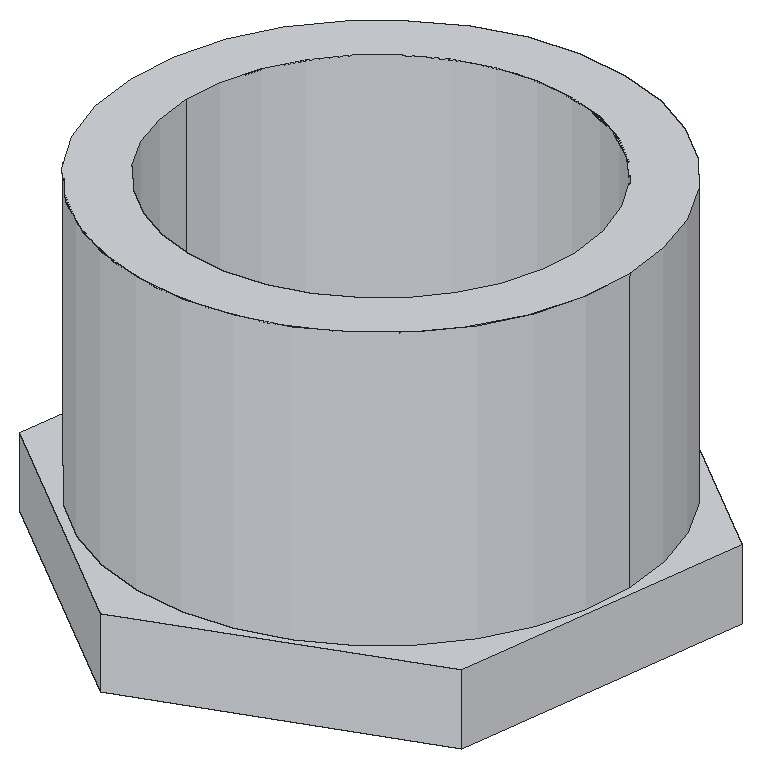
Revit family "HR4B", category Generic Models, Revit 2017
Family settings
  Can host rebar = No
  Round Connector Dimension = Use Diameter
  Part Type = Normal
  Work Plane-Based = Yes
  Always vertical = No
  Cut with Voids When Loaded = No
  Shared = No
  Room Calculation Point = No
Parameters (values of type "NBS Standard Parameters")
  Weight = "0.100Kg"
  WarrantyStartDate [instance] = "1900-12-31T23:59:59"
  WarrantyGuarantorParts = "n/a"
  WarrantyGuarantorLabor = "n/a"
  WarrantyDurationUnit = "1 year"
  WarrantyDurationParts = "n/a"
  WarrantyDurationLabor = "n/a"
  WarrantyDescription = "n/a"
  Version = "1"
  Uniclass2 = "Pr_65_70_11_20"
  TagNumber [instance] = "n/a"
  SustainabilityPerformance = "n/a"
  Size = "32mm"
  Shape = "Circular"
  SerialNumber [instance] = "n/a"
  Revision = "n/a"
  ReplacementCost = "n/a"
  ProductInformation = "www.metpro.co.uk/pdf/hr4g.pdf"
  NominalWidth = 32.8 mm
  NominalLength = 32.8 mm
  NominalHeight = 22.2 mm
  Name = ""
  NBSTypeID = ""
  NBSReference = "90-55-10/460"
  NBSOfficeMasterTag = ""
  NBSNote = ""
  NBSDescription = "Conduit Fittings"
  NBSCertification = ""
  ModelReference = "HR4B"
  ModelNumber = "n/a"
  Material = "Mild Steel"
  ManufacturerURL = "www.metpro.co.uk"
  ManufacturerName = "Metpro Ltd"
  Keynote = "Compliant to LU Standard 1-085"
  InstallationDate [instance] = "1900-12-31T23:59:59"
  IfcExportType = ""
  IfcExportAs = ""
  Grade = "n/a"
  Finish = "Black"
  Features = "n/a"
  ExpectedLife = "n/a"
  DurationUnit = "year"
  Description = "HR4B  32 - 25mm Conduit Reducer"
  Default Elevation = 1219.2 mm
  Constituents = "n/a"
  Color = "n/a"
  CodePerformance = "n/a"
  Category = "n/a"
  BarCode [instance] = "n/a"
  BIMObjectName = "Metpro_Metprolibrary_Conduitfittings_Metalcomponents_Steelaccessories"
  Author = "Metpro Limited"
  AssetType = ""
  AssetIdentifier [instance] = "n/a"
  AccessibilityPerformance = "n/a"
Reference planes
  plane 1 "Center (Front/Back)": y = 0
  plane 2: z = 0
  plane 3 "Center (Left/Right)": x = 0
Forms (mm)
  Extrusion 1, solid
    sketch origin (-11.449, -7.188, 21.419) x (0, -1, 0) y (1, 0, 0)
      loop
        circle (-3.24, 0.039) r 12.5
      loop
        line (8.69, 14.772) -> (-10.034, 17.737) -> (-21.964, 3.005) -> (-15.17, -14.693) -> (3.553, -17.658) -> (15.483, -2.926) -> (8.69, 14.772)
    from 0 to 4.5
  Extrusion 2, solid
    sketch origin (-11.449, -7.188, 21.419) x (0, -1, 0) y (1, 0, 0)
      loop
        circle (-3.24, 0.039) r 12.5
      loop
        circle (-3.24, 0.039) r 16
    from 2.641 to 22.47
Dimensions and locks
  aligned and locked: level to plane 2
